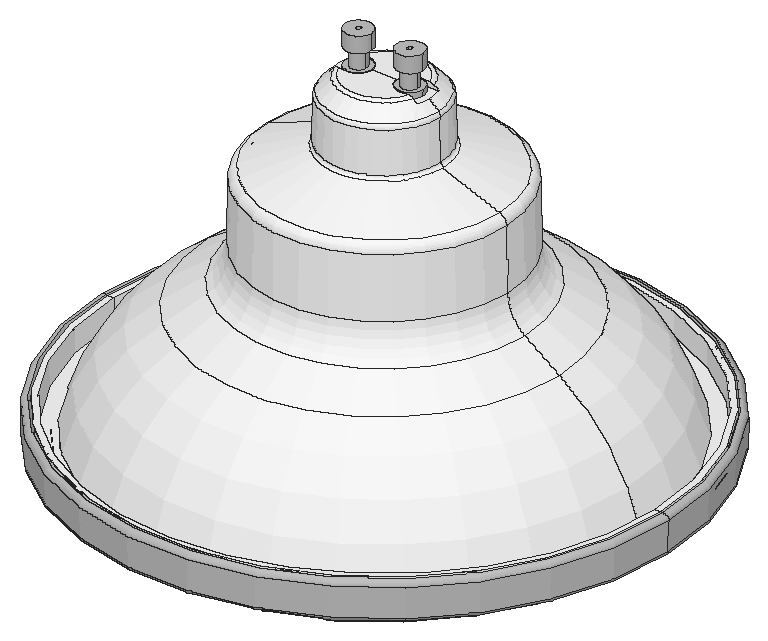
Revit family "STL21423_27_30_40", category Luminárias, Revit 2023
Family settings
  Cota do conector redondo = Utilizar diâmetro
  Tipo de parte = Normal
  Com base no plano de trabalho = Não
  Sempre na vertical = Sim
  Corte com vazios quando carregada = Não
  Fonte luminosa = Sim
  Manter orientação da anotação = Não
  Compartilhado = Não
  Ponto de cálculo do ambiente = Não
Parameters (values of type "STL21423/27 - BIVOLT - 2700K - 700lm - 24°")
  Ângulo de inclinação = 90.00°
  Ângulo de Abertura = "24°"
  Wattage = 4.71247 W
  URL = "https://stella.com.br/"
  Troca de temperatura da cor de lâmpada com esmaecimento = <Nenhum>
  Tensão Elétrica = "100V-240V"
  built-in parameter 1150107 = 2700 (stored number, unit not read)
  Temperatura da cor (K) = 2700 K
  Referência = "STL21423/27"
  Potência = 11 W
  built-in parameter 1150110 = 1 (stored number, unit not read)
  built-in parameter 1150109 = 1 (stored number, unit not read)
  built-in parameter 1114218 = 1 (stored number, unit not read)
  built-in parameter 1150112 = 1 (stored number, unit not read)
  built-in parameter 1150113 = 1 (stored number, unit not read)
  built-in parameter 1150142 = "IESNA:LM-63-2002\r\n[TEST] Viso BaseSpion - serial: 2183678036 sensor serial: 1483989726\r\n[TESTLAB] Viso BaseSpion - serial: 2183678036 sensor serial: 1483989726 - Test lab\r\n[MANUFAC] N/A\r\n[ISSUEDATE] 23/11/2021\r\n[LUMINAIRE] STELLA - STL21423/27 - AR111 PRO 24° 11W\r\n[LUMCAT] N/A\r\n[_SERIALNUMBER] VFR-211123-4421-MS\r\nTILT=NONE\r\n1 774 1 91 1 1 2 -0.089 -0.089 0.069\r\n1.0 1.0 11.01\r\n0 1 2 3 4 5 6 7 8 9 10 11 12 13 14 15 16 17 18 19 20 21 22 23 24 25 26 27 28 29 30 31 32 33 34 35 36 37 38 39 40 41 42 43 44 45 46 47 48 49 50 51 52 53 54 55 56 57 58 59 60 61 62 63 64 65 66 67 68 69 70 71 72 73 74 75 76 77 78 79 80\r\n 81 82 83 84 85 86 87 88 89 90\r\n0 \r\n3556.748291 3556.955322 3556.539551 3549.537109 3524.965088 3468.237549 3365.681152 3207.58667 2986.036377 2701.601807 2366.440918 2000.031616 1623.171021 1262.709839 946.706909 692.950745 504.872498 374.675568 289.953461 237.784164\r\n 206.766281 187.963867 175.327606 165.364975 156.574066 148.403 140.48735 132.871735 125.762085 118.803185 111.784149 104.838821 98.218742 91.837311 85.857224 80.316399 75.158348 70.838226 67.246391 63.927536 60.543369 56.46851 51.510406\r\n 46.481998 42.14547 38.958389 37.334541 37.080757 37.752026 39.413452 42.695389 48.076382 55.590275 65.438652 77.469345 90.734894 102.230873 108.658218 108.611603 101.538391 87.548996 68.520943 47.587406 28.813889 15.357375 7.206244\r\n 3.032189 1.041052 0.401121 0.345486 0.358256 0.339749 0.312416 0.322603 0.301231 0.284873 0.310227 0.318837 0.308969 0.319525 0.329183 0.328218 0.304422 0.286994 0.310628 0.291722 0.307427 0.343354 0.320759 0.320992 0.15111\r\n"
  built-in parameter 1150132 = 2
  built-in parameter 1150137 = (empty or 0)
  Modelo = "AR111 PRO 24º 11W\r\nAR70 PRO 7º 4,7W\r\nAR 70 PRO 7º 4,7W"
  Luminoso [instance] = Luminoso - 2700K
  built-in parameter 1150106 = 217.91 (stored number, unit not read)
  built-in parameter 1150102 = (empty or 0)
  built-in parameter 1150105 = 21791.1 (stored number, unit not read)
  IRC (Índice de reprodução de cores) = ">95 (R9>80)"
  Grau de proteção (IP) = "IP20"
  Fluxo Luminoso = 700 lm
  Color Filter = 16777215
  built-in parameter 1114217 = 1 (stored number, unit not read)
  built-in parameter 1150139 = (empty or 0)
  Fabricante = "Stella"
  Estrutura [instance] = Al - Branco
  Default Elevation = 0.00 m
  built-in parameter 1150104 = 13.8 (stored number, unit not read)
  Diâmetro = 0.111 m
  Dimerização = "Não dimerizável"
  built-in parameter 1150115 = 1 (stored number, unit not read)
  built-in parameter 1150114 = 1 (stored number, unit not read)
  Cromado [instance] = Cromado
  Lumens = 700 lm
  built-in parameter 1150138 = (empty or 0)
  built-in parameter 1150134 = (empty or 0)
  Arquivo de rede fotométrica = "STELLA - STL21423-27 - AR111 PRO 24° 11W.ies"
  Altura = 0.073 m
  built-in parameter 1150133 = 10 (stored number, unit not read)
Types (4, lengths in m): name | Wattage | built-in parameter 1150107 | Temperatura da cor (K) | Referência | built-in parameter 1150142 | Luminoso | built-in parameter 1150106 | built-in parameter 1150105 | Fluxo Luminoso | Lumens | built-in parameter 1150134 | Arquivo de rede fotométrica
  (no name) | 4.71247 W | 2700 (stored number, unit not read) | 2700 K | "STL21423/27" | "IESNA:LM-63-2002\r\n[TEST] Viso BaseSpion - serial: 2183678036 sensor serial: 1483989726\r\n[TESTLAB] Viso BaseSpion - serial: 2183678036 sensor serial: 1483989726 - Test lab\r\n[MANUFAC] N/A\r\n[ISSUEDATE] 23/11/2021\r\n[LUMINAIRE] STELLA - STL21423/27 - AR111 PRO 24° 11W\r\n[LUMCAT] N/A\r\n[_SERIALNUMBER] VFR-211123-4421-MS\r\nTILT=NONE\r\n1 774 1 91 1 1 2 -0.089 -0.089 0.069\r\n1.0 1.0 11.01\r\n0 1 2 3 4 5 6 7 8 9 10 11 12 13 14 15 16 17 18 19 20 21 22 23 24 25 26 27 28 29 30 31 32 33 34 35 36 37 38 39 40 41 42 43 44 45 46 47 48 49 50 51 52 53 54 55 56 57 58 59 60 61 62 63 64 65 66 67 68 69 70 71 72 73 74 75 76 77 78 79 80\r\n 81 82 83 84 85 86 87 88 89 90\r\n0 \r\n3556.748291 3556.955322 3556.539551 3549.537109 3524.965088 3468.237549 3365.681152 3207.58667 2986.036377 2701.601807 2366.440918 2000.031616 1623.171021 1262.709839 946.706909 692.950745 504.872498 374.675568 289.953461 237.784164\r\n 206.766281 187.963867 175.327606 165.364975 156.574066 148.403 140.48735 132.871735 125.762085 118.803185 111.784149 104.838821 98.218742 91.837311 85.857224 80.316399 75.158348 70.838226 67.246391 63.927536 60.543369 56.46851 51.510406\r\n 46.481998 42.14547 38.958389 37.334541 37.080757 37.752026 39.413452 42.695389 48.076382 55.590275 65.438652 77.469345 90.734894 102.230873 108.658218 108.611603 101.538391 87.548996 68.520943 47.587406 28.813889 15.357375 7.206244\r\n 3.032189 1.041052 0.401121 0.345486 0.358256 0.339749 0.312416 0.322603 0.301231 0.284873 0.310227 0.318837 0.308969 0.319525 0.329183 0.328218 0.304422 0.286994 0.310628 0.291722 0.307427 0.343354 0.320759 0.320992 0.15111\r\n" | Luminoso - 2700K | 217.91 (stored number, unit not read) | 21791.1 (stored number, unit not read) | 700 lm | 700 lm | (empty or 0) | "STELLA - STL21423-27 - AR111 PRO 24° 11W.ies"
  STL21423/27 - BIVOLT - 2700K - 700lm - 24° | 4.71247 W | 2700 (stored number, unit not read) | 2700 K | "STL21423/27" | "IESNA:LM-63-2002\r\n[TEST] Viso BaseSpion - serial: 2183678036 sensor serial: 1483989726\r\n[TESTLAB] Viso BaseSpion - serial: 2183678036 sensor serial: 1483989726 - Test lab\r\n[MANUFAC] N/A\r\n[ISSUEDATE] 23/11/2021\r\n[LUMINAIRE] STELLA - STL21423/27 - AR111 PRO 24° 11W\r\n[LUMCAT] N/A\r\n[_SERIALNUMBER] VFR-211123-4421-MS\r\nTILT=NONE\r\n1 774 1 91 1 1 2 -0.089 -0.089 0.069\r\n1.0 1.0 11.01\r\n0 1 2 3 4 5 6 7 8 9 10 11 12 13 14 15 16 17 18 19 20 21 22 23 24 25 26 27 28 29 30 31 32 33 34 35 36 37 38 39 40 41 42 43 44 45 46 47 48 49 50 51 52 53 54 55 56 57 58 59 60 61 62 63 64 65 66 67 68 69 70 71 72 73 74 75 76 77 78 79 80\r\n 81 82 83 84 85 86 87 88 89 90\r\n0 \r\n3556.748291 3556.955322 3556.539551 3549.537109 3524.965088 3468.237549 3365.681152 3207.58667 2986.036377 2701.601807 2366.440918 2000.031616 1623.171021 1262.709839 946.706909 692.950745 504.872498 374.675568 289.953461 237.784164\r\n 206.766281 187.963867 175.327606 165.364975 156.574066 148.403 140.48735 132.871735 125.762085 118.803185 111.784149 104.838821 98.218742 91.837311 85.857224 80.316399 75.158348 70.838226 67.246391 63.927536 60.543369 56.46851 51.510406\r\n 46.481998 42.14547 38.958389 37.334541 37.080757 37.752026 39.413452 42.695389 48.076382 55.590275 65.438652 77.469345 90.734894 102.230873 108.658218 108.611603 101.538391 87.548996 68.520943 47.587406 28.813889 15.357375 7.206244\r\n 3.032189 1.041052 0.401121 0.345486 0.358256 0.339749 0.312416 0.322603 0.301231 0.284873 0.310227 0.318837 0.308969 0.319525 0.329183 0.328218 0.304422 0.286994 0.310628 0.291722 0.307427 0.343354 0.320759 0.320992 0.15111\r\n" | Luminoso - 2700K | 217.91 (stored number, unit not read) | 21791.1 (stored number, unit not read) | 700 lm | 700 lm | (empty or 0) | "STELLA - STL21423-27 - AR111 PRO 24° 11W.ies"
  STL21423/30 - BIVOLT - 3000K - 720lm - 24° | 4.84712 W | 3000 (stored number, unit not read) | 3000 K | "STL21423/30" | "IESNA:LM-63-2002\r\n[TEST] Viso BaseSpion - serial: 2183678036 sensor serial: 1483989726\r\n[TESTLAB] Viso BaseSpion - serial: 2183678036 sensor serial: 1483989726 - Test lab\r\n[MANUFAC] N/A\r\n[ISSUEDATE] 10/12/2021\r\n[LUMINAIRE] STELLA - STL21423/30 - AR111 PRO 24° 11W\r\n[LUMCAT] N/A\r\n[_SERIALNUMBER] VFR-211210-4544-MS\r\nTILT=NONE\r\n1 818 1 91 1 1 2 -0.089 -0.089 0.069\r\n1.0 1.0 11.14\r\n0 1 2 3 4 5 6 7 8 9 10 11 12 13 14 15 16 17 18 19 20 21 22 23 24 25 26 27 28 29 30 31 32 33 34 35 36 37 38 39 40 41 42 43 44 45 46 47 48 49 50 51 52 53 54 55 56 57 58 59 60 61 62 63 64 65 66 67 68 69 70 71 72 73 74 75 76 77 78 79 80\r\n 81 82 83 84 85 86 87 88 89 90\r\n0 \r\n3562.570068 3570.158203 3586.974854 3596.965088 3579.152588 3521.168213 3415.282227 3252.203125 3025.873779 2742.016357 2412.527832 2055.733643 1692.981689 1346.088623 1038.66748 786.350769 590.287354 442.990265 337.679749 267.161713\r\n 222.020599 193.779312 175.802078 163.301941 153.736343 145.866745 138.769852 131.691025 124.672318 117.496002 110.097778 103.031395 96.533539 90.661354 85.24955 80.052414 75.208557 70.966179 67.220596 63.822414 60.365391 56.555428\r\n 52.216797 48.070377 44.396099 40.79591 37.844692 36.389111 36.600594 38.478004 42.748734 49.985806 60.352127 73.737679 88.292336 103.510956 117.812538 126.654694 128.596481 123.961746 110.773506 92.628326 71.839043 49.519852 31.599258\r\n 17.586351 7.091809 1.185084 0.333559 0.200119 0.183667 0.160708 0.139513 0.125717 0.126114 0.114084 0.105351 0.092463 0.080727 0.086795 0.07891 0.073284 0.068937 0.0627 0.060186 0.05303 0.051089 0.049063 0.045498 0.048479 0.011389\r\n" | Luminoso - 3000K | 31.66 (stored number, unit not read) | 3166 (stored number, unit not read) | 720 lm | 720 lm | (empty or 0) | "STELLA - STL21423-30 - AR111 PRO 24° 11W.ies"
  STL21423/40 - BIVOLT - 4000K - 740lm - 24° | 4.98176 W | 4000 (stored number, unit not read) | 4000 K | "STL21423/40" | "IESNA:LM-63-2002\r\n[TEST] Viso BaseSpion - serial: 2183678036 sensor serial: 1483989726\r\n[TESTLAB] Viso BaseSpion - serial: 2183678036 sensor serial: 1483989726 - Test lab\r\n[MANUFAC] N/A\r\n[ISSUEDATE] 09/12/2021\r\n[LUMINAIRE] STELLA - STL21423/40 - AR111 PRO 24° 11W\r\n[LUMCAT] N/A\r\n[_SERIALNUMBER] VFR-211209-4537-MS\r\nTILT=NONE\r\n1 915 1 91 1 1 2 -0.089 -0.089 0.069\r\n1.0 1.0 11.03\r\n0 1 2 3 4 5 6 7 8 9 10 11 12 13 14 15 16 17 18 19 20 21 22 23 24 25 26 27 28 29 30 31 32 33 34 35 36 37 38 39 40 41 42 43 44 45 46 47 48 49 50 51 52 53 54 55 56 57 58 59 60 61 62 63 64 65 66 67 68 69 70 71 72 73 74 75 76 77 78 79 80\r\n 81 82 83 84 85 86 87 88 89 90\r\n0 \r\n4038.655762 4045.237305 4056.735596 4059.523438 4044.92749 4005.03833 3928.212891 3792.781738 3573.94043 3265.364502 2878.443359 2435.417236 1970.385376 1520.734375 1122.36084 797.989258 558.003296 398.814545 304.986084 254.000107\r\n 225.666641 207.958084 195.153152 184.538605 175.28891 167.070435 159.303589 151.47699 143.557709 135.423538 127.354103 119.614357 112.212296 105.578415 99.635155 93.82457 88.144653 82.98542 78.238846 74.174461 70.720215 67.32019 62.999428\r\n 56.996105 50.533035 44.958584 41.383793 39.604111 39.638599 42.233654 47.244259 55.097851 66.517838 80.491302 95.743668 111.843956 128.789154 142.832092 146.753326 136.97084 117.160927 92.358864 66.496468 40.726467 20.04335 7.128108\r\n 1.318483 0.712353 0.340261 0.287615 0.23151 0.212597 0.195184 0.216209 0.169816 0.15266 0.164716 0.165957 0.136935 0.131616 0.123372 0.112248 0.108743 0.1081 0.092726 0.092198 0.087219 0.07463 0.073598 0.074215 0.017113\r\n" | Luminoso - 4000K | 32.54 (stored number, unit not read) | 3254 (stored number, unit not read) | 740 lm | 740 lm | 12 | "STELLA - STL21423-40 - AR111 PRO 24° 11W.ies"
Reference planes (m)
  plane 1 "Centro (Frente/Trás)": y = 0
  plane 2: z = 0
  plane 3 "Centro (Esquerda/Direita)": x = 0
  plane 4: x = 0.0555
  plane 5: x = -0.0555
  plane 6 "Superior": z = 0.069061
  plane 7 "Base": z = -0.003939
  plane 8: y = 0.0555
  plane 9: y = -0.0555
Forms (m)
  Revolve 1, solid, material "Al - Branco" <- "Estrutura"
    sketch origin (0, 0, 0) x (1, 0, 0) y (0, 0, 1)
      loop
        line (0.007285, 0.06273) -> (0, 0.06273) -> (0, 0.06113) -> (0.007693, 0.06113) -> (0.009652, 0.059171) -> (0.009795, 0.051003)
        arc (0.009795, 0.051003) -> (0.010072, 0.050161) -> (0.010775, 0.049622) r 0.0015
        line (0.010775, 0.049622) -> (0.022, 0.04548)
        arc (0.022, 0.04548) -> (0.022375, 0.045192) -> (0.022523, 0.044743) r 0.0008
        line (0.022523, 0.044743) -> (0.022724, 0.033247)
        arc (0.022724, 0.033247) -> (0.023752, 0.029177) -> (0.026481, 0.025988) r 0.0092
        arc (0.026481, 0.025988) -> (0.029879, 0.023602) -> (0.033372, 0.021357) r 0.1012
        arc (0.033372, 0.021357) -> (0.043002, 0.012443) -> (0.048493, 0.000524) r 0.03367
        arc (0.048493, 0.000524) -> (0.048717, 0.000171) -> (0.049111, 0.00003) r 0.000645
        line (0.049111, 0.00003) -> (0.053097, 0.00003) -> (0.053658, 0.000966) -> (0.053658, 0.004405) -> (0.053599, 0.00553) -> (0.052541, 0.00553) -> (0.052428, 0.00123) -> (0.049555, 0.00123)
        arc (0.049555, 0.00123) -> (0.043844, 0.013325) -> (0.034, 0.02238) r 0.03487
        arc (0.034, 0.02238) -> (0.030549, 0.024598) -> (0.027191, 0.026956) r 0.1
        arc (0.027191, 0.026956) -> (0.024818, 0.029729) -> (0.023923, 0.033268) r 0.008
        line (0.023923, 0.033268) -> (0.023723, 0.044764)
        arc (0.023723, 0.044764) -> (0.023354, 0.045887) -> (0.022415, 0.046605) r 0.002
        line (0.022415, 0.046605) -> (0.011441, 0.050654)
        arc (0.011441, 0.050654) -> (0.011096, 0.050932) -> (0.010989, 0.051361) r 0.000694
        line (0.010989, 0.051361) -> (0.010853, 0.059153)
        arc (0.010853, 0.059153) -> (0.010757, 0.059629) -> (0.010487, 0.060033) r 0.00125
        line (0.010487, 0.060033) -> (0.008083, 0.062437)
        arc (0.008083, 0.062437) -> (0.007716, 0.062671) -> (0.007285, 0.06273) r 0.001012
      axis (0, 0.06273) -> (0, 0.00003)
    angle from 0 to 360
  Revolve 2, solid, material "Cromado" <- "Cromado"
    sketch origin (0, 0, 0) x (1, 0, 0) y (0, 0, 1)
      loop
        line (0.054096, 0.005561) -> (0.053701, 0.004561) -> (0.054001, 0.00375) -> (0.053798, -0.000139) -> (0.050537, -0.000139)
        arc (0.050537, -0.000139) -> (0.050464, -0.000543) -> (0.050177, -0.000839) r 0.000705
        line (0.050177, -0.000839) -> (0.049377, -0.000839) -> (0.049288, -0.002539) -> (0.047504, -0.002539)
        arc (0.047504, -0.002539) -> (0.046652, -0.002206) -> (0.045847, -0.001774) r 0.0076
        arc (0.045847, -0.001774) -> (0.037327, 0.011832) -> (0.027196, 0.024285) r 0.130023
        line (0.027196, 0.024285) -> (0.025493, 0.02558)
        arc (0.025493, 0.02558) -> (0.025099, 0.025834) -> (0.024636, 0.025909) r 0.001143
        line (0.024636, 0.025909) -> (0.02024, 0.025909) -> (0.020198, 0.026708) -> (0.018699, 0.026708) -> (0.01875, 0.024759) -> (0.024373, 0.024759)
        arc (0.024373, 0.024759) -> (0.024777, 0.024674) -> (0.025112, 0.024432) r 0.001
        arc (0.025112, 0.024432) -> (0.035614, 0.01181) -> (0.04443, -0.002043) r 0.129217
        arc (0.04443, -0.002043) -> (0.044708, -0.002406) -> (0.04506, -0.002696) r 0.002
        arc (0.04506, -0.002696) -> (0.046536, -0.003463) -> (0.04813, -0.003939) r 0.0088
        line (0.04813, -0.003939) -> (0.050354, -0.003939)
        arc (0.050354, -0.003939) -> (0.050706, -0.003794) -> (0.050854, -0.003443) r 0.0005
        line (0.050854, -0.003443) -> (0.050867, -0.001934)
        arc (0.050867, -0.001934) -> (0.051015, -0.001583) -> (0.051367, -0.001439) r 0.0005
        line (0.051367, -0.001439) -> (0.054482, -0.001439)
        arc (0.054482, -0.001439) -> (0.054898, -0.001279) -> (0.055079, -0.000873) r 0.000581
        line (0.055079, -0.000873) -> (0.05522, 0.00453)
        arc (0.05522, 0.00453) -> (0.054893, 0.005302) -> (0.054096, 0.005561) r 0.001011
      axis (0, 0.026708) -> (0, -0.003939)
    angle from 0 to 360
  Revolve 3, solid, material "Cromado" <- "Cromado"
    sketch origin (0, 0, 0) x (1, 0, 0) y (0, 0, 1)
      loop
        line (-0.01728, 0.008359) -> (0, 0.008359) -> (0, 0.018349) -> (-0.003355, 0.018349) -> (-0.00346, 0.016349) -> (-0.007257, 0.016349) -> (-0.009669, 0.025349) -> (-0.01429, 0.025349) -> (-0.0145, 0.028349) -> (-0.02295, 0.028349) -> (-0.02295, 0.026909) -> (-0.0185, 0.026909) -> (-0.017653, 0.026909)
        arc (-0.017653, 0.026909) -> (-0.013689, 0.020076) -> (-0.007514, 0.015149) r 0.021376
        line (-0.007514, 0.015149) -> (-0.002908, 0.015149) -> (-0.002682, 0.010829) -> (-0.010118, 0.010061) -> (-0.017906, 0.010061) -> (-0.017846, 0.008926)
        arc (-0.017846, 0.008926) -> (-0.01768, 0.008525) -> (-0.01728, 0.008359) r 0.000567
      axis (0, 0.028349) -> (0, 0.008359)
    angle from 0 to 360
  Extrusion 4, void
    sketch origin (0, -0.129323, 0) x (1, 0, 0) y (0, 1, 0)
      loop
        arc (-0.002358, 0.129323) -> (-0.003131, 0.131192) -> (-0.005, 0.131966) r 0.002642
        line (-0.005, 0.131966) -> (-0.008729, 0.131966)
        arc (-0.008729, 0.131966) -> (-0.009022, 0.130744) -> (-0.009136, 0.129493) r 0.008759
        arc (-0.009136, 0.129493) -> (-0.009047, 0.12807) -> (-0.008729, 0.126681) r 0.008759
        line (-0.008729, 0.126681) -> (-0.005, 0.126681)
        arc (-0.005, 0.126681) -> (-0.003131, 0.127455) -> (-0.002358, 0.129323) r 0.002642
    from 0.06173 to 0.063022
  Extrusion 5, solid, material "Cromado" <- "Cromado"
    sketch origin (0, 0, 0) x (1, 0, 0) y (0, 1, 0)
      loop
        circle (-0.005, 0) r 0.0025
    from 0.06173 to 0.06273
  Extrusion 6, solid, material "Cromado" <- "Cromado"
    sketch origin (0, 0, 0) x (1, 0, 0) y (0, 1, 0)
      loop
        circle (-0.005, 0) r 0.0015
    from 0.066126 to 0.06173
  Extrusion 7, solid, material "Cromado" <- "Cromado"
    sketch origin (0, 0, 0) x (1, 0, 0) y (0, 1, 0)
      loop
        circle (-0.005, 0) r 0.0025
    from 0.066126 to 0.069061
  Extrusion 8, solid, material "Cromado" <- "Cromado"
    sketch origin (0, 0, 0) x (-1, 0, 0) y (0, -1, 0)
      loop
        circle (-0.005, 0) r 0.0025
    from 0.06173 to 0.06273
  Extrusion 9, solid, material "Cromado" <- "Cromado"
    sketch origin (0, 0, 0) x (-1, 0, 0) y (0, -1, 0)
      loop
        circle (-0.005, 0) r 0.0015
    from 0.06173 to 0.066126
  Extrusion 10, solid, material "Cromado" <- "Cromado"
    sketch origin (0, 0, 0) x (-1, 0, 0) y (0, -1, 0)
      loop
        circle (-0.005, 0) r 0.0025
    from 0.066126 to 0.069061
  Extrusion 11, void
    sketch origin (0, -0.129323, 0) x (-1, 0, 0) y (0, -1, 0)
      loop
        arc (-0.002358, -0.129323) -> (-0.003131, -0.127455) -> (-0.005, -0.126681) r 0.002642
        line (-0.005, -0.126681) -> (-0.008729, -0.126681)
        arc (-0.008729, -0.126681) -> (-0.009047, -0.12807) -> (-0.009136, -0.129493) r 0.008759
        arc (-0.009136, -0.129493) -> (-0.009022, -0.130744) -> (-0.008729, -0.131966) r 0.008759
        line (-0.008729, -0.131966) -> (-0.005, -0.131966)
        arc (-0.005, -0.131966) -> (-0.003131, -0.131192) -> (-0.002358, -0.129323) r 0.002642
    from 0.06173 to 0.063022
  Extrusion 12, void
    sketch origin (0, 0, 0) x (1, 0, 0) y (0, 1, 0)
      loop
        circle (-0.005, 0) r 0.00045
    from 0.06173 to 0.069061
  Extrusion 13, void
    sketch origin (0, 0, 0) x (-1, 0, 0) y (0, -1, 0)
      loop
        circle (-0.005, 0) r 0.00045
    from 0.06173 to 0.069061
  Revolve 14, solid, material "Luminoso - 2700K" <- "Luminoso"
    sketch origin (0, 0, 0.002657) x (1, 0, 0) y (0, 0, 1)
      loop
        arc (-0.0185, 0.024252) -> (-0.014322, 0.016927) -> (-0.007711, 0.011692) r 0.022176
        line (-0.007711, 0.011692) -> (-0.003667, 0.011692) -> (-0.00352, 0.00889) -> (-0.017906, 0.007405) -> (-0.010118, 0.007405) -> (-0.002682, 0.008173) -> (-0.002908, 0.012492) -> (-0.007514, 0.012492)
        arc (-0.007514, 0.012492) -> (-0.013689, 0.017419) -> (-0.017653, 0.024252) r 0.021376
        line (-0.017653, 0.024252) -> (-0.0185, 0.024252)
      axis (0, 0.024252) -> (0, 0.007405)
    angle from 0 to 360
Cuts and joins
  Extrusion 4, Extrusion 11 cuts Revolve 1
  Extrusion 12, Extrusion 13 cuts Extrusion 5
  Extrusion 11, Extrusion 12, Extrusion 13 cuts Extrusion 6
  Extrusion 12, Extrusion 13 cuts Extrusion 7
  joined: Extrusion 5, Extrusion 6, Extrusion 7
  Extrusion 13 cuts Extrusion 8
  Extrusion 13 cuts Extrusion 9
  Extrusion 13 cuts Extrusion 10
  joined: Extrusion 8, Extrusion 9, Extrusion 10
Lines and regions (m)
  model lines
    curve 1: line (0, 0.001599, 0.0553) -> (0, -0.004963, 0.0553)
    curve 2: line (0.006069, 0, 0.063061) -> (0.006069, 0, 0.060161)
Dimensions and locks (m)
  "Altura": plane 6 "Superior" to plane 7 "Base"
  "Diâmetro": plane 5 to plane 4
  aligned and locked: level to plane 2
  aligned and locked: Extrusion 7 to Extrusion 12
  aligned and locked: Extrusion 10 to cut or joined group of Extrusion 5, Extrusion 6, Extrusion 7, Extrusion 11, Extrusion 12, Extrusion 13
Automatic sketch dimensions
  curve 1 to plane 1 "Centro (Frente/Trás)" = 0.001599 m
  plane 1 "Centro (Frente/Trás)" to curve 1 = 0.004963 m
  Extrusion 4 sketch curve to Extrusion 4 sketch curve = 0.00 m  (x4)
  plane 1 "Centro (Frente/Trás)" to Extrusion 4 sketch curve = 0.00 m  (x2)
  plane 1 "Centro (Frente/Trás)" to Extrusion 4 sketch curve = 0.002642 m
  Extrusion 4 sketch curve to plane 3 "Centro (Esquerda/Direita)" = 0.008729 m
  Extrusion 4 sketch curve to Extrusion 4 sketch curve = 0.003729 m
  Extrusion 4 sketch curve to plane 3 "Centro (Esquerda/Direita)" = 0.000379 m
  Extrusion 4 sketch curve to plane 1 "Centro (Frente/Trás)" = 0.00017 m
  plane 1 "Centro (Frente/Trás)" to Extrusion 5 sketch curve = 0.00 m
  Extrusion 5 sketch curve to plane 3 "Centro (Esquerda/Direita)" = 0.005 m
  plane 1 "Centro (Frente/Trás)" to Extrusion 6 sketch curve = 0.00 m
  Extrusion 6 sketch curve to plane 3 "Centro (Esquerda/Direita)" = 0.005 m
  plane 1 "Centro (Frente/Trás)" to Extrusion 7 sketch curve = 0.00 m
  Extrusion 7 sketch curve to plane 3 "Centro (Esquerda/Direita)" = 0.005 m
  plane 1 "Centro (Frente/Trás)" to Extrusion 8 sketch curve = 0.00 m
  plane 3 "Centro (Esquerda/Direita)" to Extrusion 8 sketch curve = 0.005 m
  plane 1 "Centro (Frente/Trás)" to Extrusion 9 sketch curve = 0.00 m
  plane 3 "Centro (Esquerda/Direita)" to Extrusion 9 sketch curve = 0.005 m
  plane 1 "Centro (Frente/Trás)" to Extrusion 10 sketch curve = 0.00 m
  plane 3 "Centro (Esquerda/Direita)" to Extrusion 10 sketch curve = 0.005 m
  Extrusion 11 sketch curve to Extrusion 11 sketch curve = 0.00 m  (x4)
  plane 1 "Centro (Frente/Trás)" to Extrusion 11 sketch curve = 0.00 m  (x2)
  plane 1 "Centro (Frente/Trás)" to Extrusion 11 sketch curve = 0.002642 m
  plane 3 "Centro (Esquerda/Direita)" to Extrusion 11 sketch curve = 0.008729 m
  Extrusion 11 sketch curve to Extrusion 11 sketch curve = 0.003729 m
  plane 3 "Centro (Esquerda/Direita)" to Extrusion 11 sketch curve = 0.000379 m
  Extrusion 11 sketch curve to plane 1 "Centro (Frente/Trás)" = 0.00017 m
  plane 1 "Centro (Frente/Trás)" to Extrusion 12 sketch curve = 0.00 m
  Extrusion 12 sketch curve to plane 3 "Centro (Esquerda/Direita)" = 0.005 m
  plane 1 "Centro (Frente/Trás)" to Extrusion 13 sketch curve = 0.00 m
  plane 3 "Centro (Esquerda/Direita)" to Extrusion 13 sketch curve = 0.005 m
  level to curve 1 = 0.0553 m
  Revolve 1 sketch curve to Revolve 1 sketch curve = 0.00 m  (x13)
  Revolve 1 sketch curve to plane 3 "Centro (Esquerda/Direita)" = 0.00 m  (x2)
  Revolve 1 sketch curve to Revolve 1 sketch curve = 0.007285 m
  Revolve 1 sketch curve to Revolve 1 sketch curve = 0.000083 m
  Revolve 1 sketch curve to Revolve 1 sketch curve = 0.000325 m
  Revolve 1 sketch curve to Revolve 1 sketch curve = 0.000799 m
  Revolve 1 sketch curve to Revolve 1 sketch curve = 0.00191 m
  Revolve 1 sketch curve to Revolve 1 sketch curve = 0.000049 m
  Revolve 1 sketch curve to Revolve 1 sketch curve = 0.000192 m
  Revolve 1 sketch curve to Revolve 1 sketch curve = 0.000835 m
  Revolve 1 sketch curve to Revolve 1 sketch curve = 0.00098 m
  Revolve 1 sketch curve to Revolve 1 sketch curve = 0.000366 m
  Revolve 1 sketch curve to Revolve 1 sketch curve = 0.001194 m
  Revolve 1 sketch curve to Revolve 1 sketch curve = 0.000306 m
  Revolve 1 sketch curve to Revolve 1 sketch curve = 0.000146 m
  Revolve 1 sketch curve to Revolve 1 sketch curve = 0.000386 m
  Revolve 1 sketch curve to plane 7 "Base" = 0.003396 m
  plane 3 "Centro (Esquerda/Direita)" to Revolve 1 sketch curve = 0.015752 m
  Revolve 1 sketch curve to Revolve 1 sketch curve = 0.010282 m
  Revolve 1 sketch curve to Revolve 1 sketch curve = 0.000277 m
  Revolve 1 sketch curve to Revolve 1 sketch curve = 0.0008 m
  Revolve 1 sketch curve to Revolve 1 sketch curve = 0.000201 m
  Revolve 1 sketch curve to Revolve 1 sketch curve = 0.0012 m  (x2)
  Revolve 1 sketch curve to Revolve 1 sketch curve = 0.007999 m
  level to Revolve 1 sketch curve = 0.00003 m
  Revolve 1 sketch curve to Revolve 1 sketch curve = 0.000009 m
  Revolve 1 sketch curve to Revolve 1 sketch curve = 0.000435 m
  level to Revolve 1 sketch curve = 0.00123 m
  Revolve 1 sketch curve to Revolve 1 sketch curve = 0.002873 m
  Revolve 1 sketch curve to plane 4 = 0.002959 m
  Revolve 1 sketch curve to Revolve 1 sketch curve = 0.000669 m
  plane 4 to Revolve 1 sketch curve = 0.03083 m
  Revolve 1 sketch curve to Revolve 1 sketch curve = 0.000645 m
  Revolve 1 sketch curve to Revolve 1 sketch curve = 0.0043 m
  level to Revolve 1 sketch curve = 0.033247 m
  Revolve 1 sketch curve to Revolve 1 sketch curve = 0.000021 m  (x3)
  Revolve 1 sketch curve to Revolve 1 sketch curve = 0.00014 m
  Revolve 1 sketch curve to Revolve 1 sketch curve = 0.000014 m
  Revolve 1 sketch curve to Revolve 1 sketch curve = 0.004143 m
  Revolve 1 sketch curve to Revolve 1 sketch curve = 0.001032 m
  Revolve 1 sketch curve to Revolve 1 sketch curve = 0.000349 m
  Revolve 1 sketch curve to Revolve 1 sketch curve = 0.000276 m
  Revolve 1 sketch curve to Revolve 1 sketch curve = 0.007789 m
  Revolve 1 sketch curve to Revolve 1 sketch curve = 0.000003 m
  Revolve 1 sketch curve to Revolve 1 sketch curve = 0.00198 m
  Revolve 1 sketch curve to Revolve 1 sketch curve = 0.000592 m
  Revolve 1 sketch curve to Revolve 1 sketch curve = 0.000715 m
  plane 6 "Superior" to Revolve 1 sketch curve = 0.038533 m
  Revolve 1 sketch curve to Revolve 1 sketch curve = 0.000415 m
  Revolve 1 sketch curve to Revolve 1 sketch curve = 0.001058 m
  Revolve 1 sketch curve to Revolve 1 sketch curve = 0.000561 m
  Revolve 1 sketch curve to Revolve 1 sketch curve = 0.000059 m
  Revolve 1 sketch curve to plane 7 "Base" = 0.000017 m
  level to Revolve 1 sketch curve = 0.000966 m
  Revolve 1 sketch curve to Revolve 1 sketch curve = 0.001125 m
  Revolve 1 sketch curve to Revolve 1 sketch curve = 0.00473 m
  Revolve 1 sketch curve to Revolve 1 sketch curve = 0.011482 m
  Revolve 2 sketch curve to Revolve 2 sketch curve = 0.00 m  (x2)
  Revolve 2 sketch curve to plane 3 "Centro (Esquerda/Direita)" = 0.00 m
  Revolve 2 sketch curve to plane 7 "Base" = 0.00 m
  Revolve 2 sketch curve to plane 5 = 0.012903 m
  Revolve 2 sketch curve to Revolve 2 sketch curve = 0.000368 m
  plane 3 "Centro (Esquerda/Direita)" to Revolve 2 sketch curve = 0.018699 m
  Revolve 2 sketch curve to Revolve 2 sketch curve = 0.000051 m
  Revolve 2 sketch curve to Revolve 2 sketch curve = 0.001499 m
  Revolve 2 sketch curve to Revolve 2 sketch curve = 0.000042 m
  Revolve 2 sketch curve to Revolve 2 sketch curve = 0.004133 m
  Revolve 2 sketch curve to Revolve 2 sketch curve = 0.000263 m
  Revolve 2 sketch curve to Revolve 2 sketch curve = 0.000316 m
  Revolve 2 sketch curve to Revolve 2 sketch curve = 0.000857 m
  Revolve 2 sketch curve to Revolve 2 sketch curve = 0.001703 m
  Revolve 2 sketch curve to level = 0.001016 m
  Revolve 2 sketch curve to plane 4 = 0.009354 m
  Revolve 2 sketch curve to Revolve 2 sketch curve = 0.001357 m
  Revolve 2 sketch curve to Revolve 2 sketch curve = 0.000626 m
  plane 7 "Base" to Revolve 2 sketch curve = 0.0014 m
  Revolve 2 sketch curve to Revolve 2 sketch curve = 0.001784 m
  Revolve 2 sketch curve to level = 0.000839 m
  Revolve 2 sketch curve to Revolve 2 sketch curve = 0.000089 m
  Revolve 2 sketch curve to level = 0.000221 m
  Revolve 2 sketch curve to Revolve 2 sketch curve = 0.000459 m
  Revolve 2 sketch curve to Revolve 2 sketch curve = 0.000002 m
  Revolve 2 sketch curve to Revolve 2 sketch curve = 0.000341 m
  Revolve 2 sketch curve to Revolve 2 sketch curve = 0.001066 m
  Revolve 2 sketch curve to level = 0.000139 m
  plane 7 "Base" to Revolve 2 sketch curve = 0.000496 m
  Revolve 2 sketch curve to Revolve 2 sketch curve = 0.0005 m  (x2)
  Revolve 2 sketch curve to level = 0.001934 m
  Revolve 2 sketch curve to Revolve 2 sketch curve = 0.00069 m
  Revolve 2 sketch curve to plane 4 = 0.001799 m
  Revolve 2 sketch curve to plane 4 = 0.001702 m
  Revolve 2 sketch curve to Revolve 2 sketch curve = 0.0003 m
  Revolve 2 sketch curve to Revolve 2 sketch curve = 0.000395 m
  Revolve 2 sketch curve to Revolve 2 sketch curve = 0.000509 m  (x2)
  Revolve 2 sketch curve to plane 4 = 0.001018 m
  Revolve 2 sketch curve to Revolve 2 sketch curve = 0.000016 m
  Revolve 2 sketch curve to plane 4 = 0.000421 m
  Revolve 2 sketch curve to plane 4 = 0.00028 m
  Revolve 2 sketch curve to Revolve 2 sketch curve = 0.000004 m
  Revolve 2 sketch curve to Revolve 2 sketch curve = 0.000566 m
  level to Revolve 2 sketch curve = 0.00375 m
  Revolve 2 sketch curve to Revolve 2 sketch curve = 0.00078 m
  Revolve 2 sketch curve to Revolve 2 sketch curve = 0.000807 m
  Revolve 2 sketch curve to Revolve 2 sketch curve = 0.000005 m
  Revolve 2 sketch curve to Revolve 2 sketch curve = 0.000133 m
  level to Revolve 2 sketch curve = 0.023759 m
  Revolve 2 sketch curve to Revolve 2 sketch curve = 0.000526 m
  Revolve 2 sketch curve to Revolve 2 sketch curve = 0.001 m
  Revolve 2 sketch curve to Revolve 2 sketch curve = 0.000009 m
  Revolve 2 sketch curve to Revolve 2 sketch curve = 0.000812 m
  Revolve 2 sketch curve to Revolve 2 sketch curve = 0.000799 m
  Revolve 2 sketch curve to plane 7 "Base" = 0.004033 m
  Revolve 2 sketch curve to plane 6 "Superior" = 0.005438 m
  Revolve 2 sketch curve to plane 7 "Base" = 0.059907 m
  Revolve 2 sketch curve to Revolve 2 sketch curve = 0.000423 m
  Revolve 2 sketch curve to Revolve 2 sketch curve = 0.00063 m
  Revolve 3 sketch curve to plane 3 "Centro (Esquerda/Direita)" = 0.00 m  (x2)
  Revolve 3 sketch curve to plane 3 "Centro (Esquerda/Direita)" = 0.002682 m
  Revolve 3 sketch curve to plane 3 "Centro (Esquerda/Direita)" = 0.002908 m
  Revolve 3 sketch curve to Revolve 3 sketch curve = 0.000447 m
  Revolve 3 sketch curve to Revolve 3 sketch curve = 0.000552 m
  Revolve 3 sketch curve to Revolve 3 sketch curve = 0.003797 m
  Revolve 3 sketch curve to Revolve 3 sketch curve = 0.000257 m
  Revolve 3 sketch curve to Revolve 3 sketch curve = 0.002412 m
  Revolve 3 sketch curve to Revolve 3 sketch curve = 0.004622 m
  Revolve 3 sketch curve to Revolve 3 sketch curve = 0.00021 m
  Revolve 3 sketch curve to Revolve 3 sketch curve = 0.009766 m
  Revolve 3 sketch curve to Revolve 3 sketch curve = 0.003153 m
  Revolve 3 sketch curve to Revolve 3 sketch curve = 0.000567 m
  Revolve 3 sketch curve to Revolve 3 sketch curve = 0.00006 m
  Revolve 3 sketch curve to Revolve 3 sketch curve = 0.000847 m
  Revolve 3 sketch curve to Revolve 3 sketch curve = 0.00445 m
  plane 3 "Centro (Esquerda/Direita)" to Revolve 3 sketch curve = 0.0025 m
  level to Revolve 3 sketch curve = 0.008359 m
  Revolve 3 sketch curve to Revolve 3 sketch curve = 0.001136 m
  Revolve 3 sketch curve to Revolve 3 sketch curve = 0.00247 m
  Revolve 3 sketch curve to Revolve 3 sketch curve = 0.005088 m
  Revolve 3 sketch curve to Revolve 3 sketch curve = 0.0012 m
  Revolve 3 sketch curve to Revolve 3 sketch curve = 0.002 m
  Revolve 3 sketch curve to Revolve 3 sketch curve = 0.009 m
  Revolve 3 sketch curve to Revolve 3 sketch curve = 0.00156 m
  Revolve 3 sketch curve to Revolve 3 sketch curve = 0.003 m
  Revolve 3 sketch curve to Revolve 3 sketch curve = 0.002604 m
  Revolve 3 sketch curve to plane 7 "Base" = 0.001544 m
  Revolve 3 sketch curve to Revolve 3 sketch curve = 0.007096 m
  Revolve 14 sketch curve to Revolve 14 sketch curve = 0.00 m  (x2)
  Revolve 14 sketch curve to plane 3 "Centro (Esquerda/Direita)" = 0.00 m
  Revolve 14 sketch curve to plane 3 "Centro (Esquerda/Direita)" = 0.002682 m
  Revolve 14 sketch curve to plane 3 "Centro (Esquerda/Direita)" = 0.002908 m
  Revolve 14 sketch curve to Revolve 14 sketch curve = 0.000759 m
  Revolve 14 sketch curve to Revolve 14 sketch curve = 0.003847 m
  Revolve 14 sketch curve to Revolve 14 sketch curve = 0.000197 m
  Revolve 14 sketch curve to Revolve 14 sketch curve = 0.010986 m
  plane 3 "Centro (Esquerda/Direita)" to Revolve 14 sketch curve = 0.0025 m
  level to Revolve 14 sketch curve = 0.010829 m
  Revolve 14 sketch curve to Revolve 14 sketch curve = 0.00352 m
  Revolve 14 sketch curve to Revolve 14 sketch curve = 0.0008 m
  Revolve 14 sketch curve to Revolve 14 sketch curve = 0.000839 m
  Revolve 14 sketch curve to Revolve 14 sketch curve = 0.000847 m
  Revolve 14 sketch curve to Revolve 14 sketch curve = 0.007788 m
  Revolve 14 sketch curve to Revolve 14 sketch curve = 0.000718 m
  Revolve 14 sketch curve to Revolve 14 sketch curve = 0.001486 m
  level to Revolve 14 sketch curve = 0.005258 m
  Revolve 14 sketch curve to Revolve 14 sketch curve = 0.007679 m
  Revolve 14 sketch curve to Revolve 14 sketch curve = 0.010195 m
  plane 3 "Centro (Esquerda/Direita)" to curve 2 = 0.006069 m
  curve 2 to plane 6 "Superior" = 0.0089 m
  curve 2 to curve 2 = 0.0029 m
  radius of Extrusion 5 sketch curve = 0.0025 m
  radius of Extrusion 6 sketch curve = 0.0015 m
  radius of Extrusion 7 sketch curve = 0.0025 m
  radius of Extrusion 8 sketch curve = 0.0025 m
  radius of Extrusion 9 sketch curve = 0.0015 m
  radius of Extrusion 10 sketch curve = 0.0025 m
  radius of Extrusion 12 sketch curve = 0.00045 m
  radius of Extrusion 13 sketch curve = 0.00045 m
Connectors (m)
  electrical at (0, 0, 0.069061)
    settings: index 1, voltage 0 V, apparent load 0 VA, apparent load phase1 0 VA, apparent load phase2 0 VA, apparent load phase3 0 VA, power factor 1, load classification "Outro", number of poles 1, system type 31, power factor state 1, is connector primary yes, connector utility no, sub classification motor no, connector description ""
